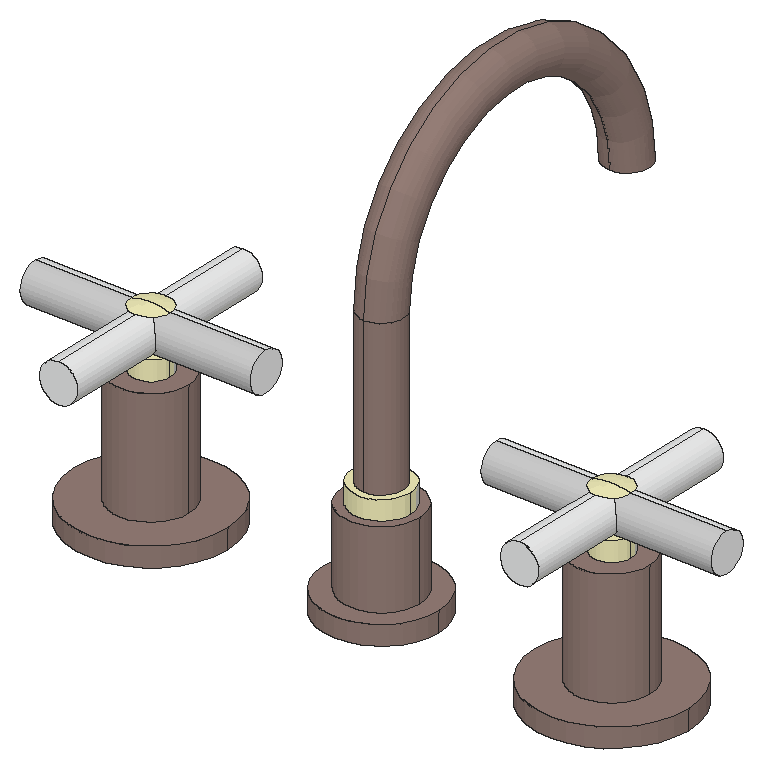
Revit family
Parameters
  turnangl = 180.00°
  throwrad = Throw Distance / 2  # 0' - 2"
  neckht = 0' - 2"
  Warranty Duration (Years) = 5
  Type Comments = ""
  Throw Distance = 0' - 4"
  Test Data = ""
  Specification = "http://www.arcat.com/divs/sec/sec15410.shtml"
  Sales Information = ""
  Product Properties = "http://www.arcat.com/bim/bim_info.pl?fn=Faucet_Bath"
  Product Data = "http://www.arcat.com/divs/sec/sec15410.shtml"
  Pressure (PSI) = 60
  Model = "Generic"  # constant formula
  Manufacturer Website = "http://www.arcat.com/"
  Manufacturer Phone - Toll Free = ""
  Manufacturer Phone = "(203) 929-9444"  # constant formula
  Manufacturer Fax = "(203) 939-2444"  # constant formula
  Manufacturer Email = "bim@arcat.com"  # constant formula
  Manufacturer Address = "1077 Bridgeport Ave, Shelton, CT  06484"  # constant formula
  Manufacturer = "Generic"  # constant formula
  Maintenance Schedule (Months) = 24
  Keynote = "15410"
  Installation_Fabricaton = ""
  Installation Phase = ""
  Hole Spread = 0' - 6"
  HW Connection = yes
  Green Building-LEED = "http://www.arcat.com/green/green_building.shtml"
  Flow (GPM) = 2
  Expected Lifespan (Years) = 10
  Drawn By = "Robert S. Weygant. CSI, CDT, SCIP"  # constant formula
  Description = "Double Control Bath Faucet"
  Default Elevation = 4' - 0"
  Copyright = "2008, ARCAT, Inc."  # constant formula
  Construction Details = "http://www.arcat.com/divs/sec/sec15410.shtml"
  CW Connection = yes
  Building Codes = ""
  Bath Fixture Trim = ARCAT - Ceramics, Porcelain - White
  Bath Fixture Material = ARCAT - Metal - Bronze, Oil Rubbed
  Bath Fixture Accent = ARCAT - Metal - Brass, Polished
  Assembly Code = "D2010300"
Reference planes (in)
  plane 1 "Center (Front/Back)": y = 0
  plane 2: z = 0
  plane 3 "Center (Left/Right)": x = 0.1733
  plane 4: x = -2.8267
  plane 5: x = 3.1733
  plane 6: x = 0.1733
  plane 7: z = 3.5
  plane 8: y = 0
  plane 9: x = 0.1733
  plane 10: z = 3.5
  plane 11: y = 0
Forms (in)
  Extrusion 1, solid, material "ARCAT - Metal - Bronze, Oil Rubbed" <- "Bath Fixture Material"
    sketch origin (3.1733, 0, 0) x (1, 0, 0) y (0, 1, 0)
      loop
        circle (0, 0) r 1
    from 0 to 0.25
  Extrusion 2, solid, material "ARCAT - Metal - Bronze, Oil Rubbed" <- "Bath Fixture Material"
    sketch origin (3.1733, 0, 0.25) x (1, 0, 0) y (0, 1, 0)
      loop
        circle (0, 0) r 0.5
    from 0 to 1.5
  Extrusion 3, solid, material "ARCAT - Metal - Brass, Polished" <- "Bath Fixture Accent"
    sketch origin (3.1733, 0, 1.75) x (1, 0, 0) y (0, 1, 0)
      loop
        circle (0, 0) r 0.25
    from 0 to 0.25
  Extrusion 4, solid, material "ARCAT - Ceramics, Porcelain - White" <- "Bath Fixture Trim"
    sketch origin (4.6733, 0, 0.09683) x (0, 0, 1) y (0, 1, 0)
      loop
        circle (2.15409, 0) r 0.25
    from 0 to 3
  Extrusion 5, solid, material "ARCAT - Ceramics, Porcelain - White" <- "Bath Fixture Trim"
    sketch origin (3.1733, 1.5, 0.09683) x (0, 0, 1) y (-1, 0, 0)
      loop
        circle (2.15409, 0) r 0.25
    from 0 to 3
  Revolve 6, solid, material "ARCAT - Metal - Brass, Polished" <- "Bath Fixture Accent"
    sketch origin (3.1733, 0, 0) x (1, 0, 0) y (0, 0, 1)
      loop
        line (0, 2.50091) -> (0.25, 2.50091)
        arc (0.25, 2.50091) -> (0.126, 2.52558) -> (0, 2.53605) r 1.11483
        line (0, 2.53605) -> (0, 2.50091)
      axis (0, 2.53605) -> (0, 2.49668)
    angle from 0 to 360
  Extrusion 7, solid, material "ARCAT - Metal - Bronze, Oil Rubbed" <- "Bath Fixture Material"
    sketch origin (0.1733, 0, 0) x (1, 0, 0) y (0, 1, 0)
      loop
        circle (0, 0) r 0.75
    from 0 to 0.25
  Extrusion 8, solid, material "ARCAT - Metal - Bronze, Oil Rubbed" <- "Bath Fixture Material"
    sketch origin (0.1733, 0, 0.25) x (1, 0, 0) y (0, 1, 0)
      loop
        circle (0, 0) r 0.5
    from 0 to 1
  Sweep 9, solid, material "ARCAT - Metal - Bronze, Oil Rubbed" <- "Bath Fixture Material"
    path origin (0.1733, 0, 0) x (0, 1, 0) y (0, 0, 1)
      loop
        line (0, 1.5) -> (0, 3.5)
        arc (0, 3.5) -> (2, 5.5) -> (4, 3.5) r 2
    profile origin (0.1733, 0, 2.5) x (0, -1, 0) y (1, 0, 0)
      loop
        circle (0, 0) r 0.28389
  Extrusion 10, solid, material "ARCAT - Metal - Brass, Polished" <- "Bath Fixture Accent"
    sketch origin (0.1733, 0, 1.25) x (1, 0, 0) y (0, 1, 0)
      loop
        circle (0, 0) r 0.37946
    from 0 to 0.25
  Extrusion 11, solid, material "ARCAT - Metal - Bronze, Oil Rubbed" <- "Bath Fixture Material", not visible
    sketch origin (4, 0, 0) x (1, 0, 0) y (0, 1, 0)
      loop
        circle (0, 0) r 1
    from 0 to 0.25
  Extrusion 12, solid, material "ARCAT - Metal - Bronze, Oil Rubbed" <- "Bath Fixture Material", not visible
    sketch origin (4, 0, 0.25) x (1, 0, 0) y (0, 1, 0)
      loop
        circle (0, 0) r 0.5
    from 0 to 1.5
  Extrusion 13, solid, material "ARCAT - Metal - Brass, Polished" <- "Bath Fixture Accent", not visible
    sketch origin (4, 0, 1.75) x (1, 0, 0) y (0, 1, 0)
      loop
        circle (0, 0) r 0.25
    from 0 to 0.25
  Extrusion 14, solid, material "ARCAT - Ceramics, Porcelain - White" <- "Bath Fixture Trim", not visible
    sketch origin (5.5, 0, 0.09683) x (0, 0, 1) y (0, 1, 0)
      loop
        circle (2.15409, 0) r 0.25
    from 0 to 3
  Extrusion 15, solid, material "ARCAT - Ceramics, Porcelain - White" <- "Bath Fixture Trim", not visible
    sketch origin (4, 1.5, 0.09683) x (0, 0, 1) y (-1, 0, 0)
      loop
        circle (2.15409, 0) r 0.25
    from 0 to 3
  Revolve 16, solid, material "ARCAT - Metal - Brass, Polished" <- "Bath Fixture Accent", not visible
    sketch origin (4, 0, 0) x (1, 0, 0) y (0, 0, 1)
      loop
        line (0, 2.50091) -> (0.25, 2.50091)
        arc (0.25, 2.50091) -> (0.126, 2.52558) -> (0, 2.53605) r 1.11483
        line (0, 2.53605) -> (0, 2.50091)
      axis (0, 2.53605) -> (0, 2.49668)
    angle from 0 to 360
  Extrusion 17, solid, material "ARCAT - Metal - Bronze, Oil Rubbed" <- "Bath Fixture Material"
    sketch origin (-2.8267, 0, 0) x (1, 0, 0) y (0, 1, 0)
      loop
        circle (0, 0) r 1
    from 0 to 0.25
  Extrusion 18, solid, material "ARCAT - Metal - Bronze, Oil Rubbed" <- "Bath Fixture Material"
    sketch origin (-2.8267, 0, 0.25) x (1, 0, 0) y (0, 1, 0)
      loop
        circle (0, 0) r 0.5
    from 0 to 1.5
  Extrusion 19, solid, material "ARCAT - Metal - Brass, Polished" <- "Bath Fixture Accent"
    sketch origin (-2.8267, 0, 1.75) x (1, 0, 0) y (0, 1, 0)
      loop
        circle (0, 0) r 0.25
    from 0 to 0.25
  Extrusion 20, solid, material "ARCAT - Ceramics, Porcelain - White" <- "Bath Fixture Trim"
    sketch origin (-1.3267, 0, 0.09683) x (0, 0, 1) y (0, 1, 0)
      loop
        circle (2.15409, 0) r 0.25
    from 0 to 3
  Extrusion 21, solid, material "ARCAT - Ceramics, Porcelain - White" <- "Bath Fixture Trim"
    sketch origin (-2.8267, 1.5, 0.09683) x (0, 0, 1) y (-1, 0, 0)
      loop
        circle (2.15409, 0) r 0.25
    from 0 to 3
  Revolve 22, solid, material "ARCAT - Metal - Brass, Polished" <- "Bath Fixture Accent"
    sketch origin (-2.8267, 0, 0) x (1, 0, 0) y (0, 0, 1)
      loop
        line (0, 2.50091) -> (0.25, 2.50091)
        arc (0.25, 2.50091) -> (0.126, 2.52558) -> (0, 2.53605) r 1.11483
        line (0, 2.53605) -> (0, 2.50091)
      axis (0, 2.53605) -> (0, 2.49668)
    angle from 0 to 360
  Extrusion 23, solid, material "ARCAT - Metal - Bronze, Oil Rubbed" <- "Bath Fixture Material", not visible
    sketch origin (0.1733, 0, 0) x (1, 0, 0) y (0, 1, 0)
      loop
        circle (0, 0) r 0.75
    from 0 to 0.25
  Extrusion 24, solid, material "ARCAT - Metal - Bronze, Oil Rubbed" <- "Bath Fixture Material", not visible
    sketch origin (0.1733, 0, 0.25) x (1, 0, 0) y (0, 1, 0)
      loop
        circle (0, 0) r 0.5
    from 0 to 1
  Sweep 25, solid, material "ARCAT - Metal - Bronze, Oil Rubbed" <- "Bath Fixture Material", not visible
    path origin (0.1733, 0, 0) x (0, 1, 0) y (0, 0, 1)
      loop
        line (0, 1.5) -> (0, 3.5)
        arc (0, 3.5) -> (2, 5.5) -> (4, 3.5) r 2
    profile origin (0.1733, 0, 2.5) x (0, -1, 0) y (1, 0, 0)
      loop
        circle (0, 0) r 0.28389
  Extrusion 26, solid, material "ARCAT - Metal - Brass, Polished" <- "Bath Fixture Accent", not visible
    sketch origin (0.1733, 0, 1.25) x (1, 0, 0) y (0, 1, 0)
      loop
        circle (0, 0) r 0.37946
    from 0 to 0.25
Dimensions and locks (in)
  equal spacing: plane 4, plane 3 "Center (Left/Right)", plane 5
  "Hole Spread": plane 4 to plane 5
  "neckht": plane 7 to Extrusion 10
  "neckht": plane 10 to Extrusion 26
  "throwrad": radius of Sweep 9 sketch curve
  "throwrad": radius of Sweep 25 sketch curve
  "turnangl": angle Sweep 9 sketch curve to Sweep 9 sketch curve
  angle Sweep 9 sketch curve to Sweep 9 sketch curve = 180.00°
  "turnangl": angle Sweep 25 sketch curve to Sweep 25 sketch curve
  angle Sweep 25 sketch curve to Sweep 25 sketch curve = 180.00°
  aligned and locked: plane 5 to Extrusion 5
  aligned and locked: plane 1 "Center (Front/Back)" to Extrusion 4
  aligned and locked: plane 4 to Extrusion 21
  aligned and locked: plane 1 "Center (Front/Back)" to Extrusion 20
  aligned and locked: plane 3 "Center (Left/Right)" to plane 6
  aligned and locked: Extrusion 10 to Extrusion 8
  aligned and locked: plane 7 to Sweep 9 sketch curve
  aligned and locked: Extrusion 10 to Sweep 9 sketch curve
  aligned and locked: plane 8 to plane 1 "Center (Front/Back)"
  aligned and locked: Sweep 9 sketch curve to plane 8
  aligned and locked: Extrusion 26 to Extrusion 24
  aligned and locked: plane 10 to Sweep 25 sketch curve
  aligned and locked: Extrusion 26 to Sweep 25 sketch curve
  aligned and locked: Sweep 25 sketch curve to plane 11
Automatic sketch dimensions
  Revolve 6 sketch curve to Revolve 6 sketch curve = 0' - 0.02916"
  Revolve 6 sketch curve to Revolve 6 sketch curve = 0' - 0"  (x3)
  Revolve 6 sketch curve to Revolve 6 sketch curve = 0' - 0 1/4"
  Revolve 6 sketch curve to Revolve 6 sketch curve = 0' - 1.07931"
  Sweep 9 sketch curve to profile plane = 0' - 0"  (x2)
  Revolve 22 sketch curve to Revolve 22 sketch curve = 0' - 0.02916"
  Revolve 22 sketch curve to Revolve 22 sketch curve = 0' - 0"  (x3)
  Revolve 22 sketch curve to Revolve 22 sketch curve = 0' - 0 1/4"
  Revolve 22 sketch curve to Revolve 22 sketch curve = 0' - 1.07931"
  Revolve 16 sketch curve to Revolve 16 sketch curve = 0' - 0.02916"
  Revolve 16 sketch curve to Revolve 16 sketch curve = 0' - 0"  (x3)
  Revolve 16 sketch curve to Revolve 16 sketch curve = 0' - 0 1/4"
  Revolve 16 sketch curve to Revolve 16 sketch curve = 0' - 1.07931"
  Sweep 25 sketch curve to profile plane = 0' - 0"  (x2)
  radius of Extrusion 1 sketch curve = 0' - 1"
  radius of Extrusion 2 sketch curve = 0' - 0 1/2"
  radius of Extrusion 3 sketch curve = 0' - 0 1/4"
  radius of Extrusion 4 sketch curve = 0' - 0 1/4"
  radius of Extrusion 5 sketch curve = 0' - 0 1/4"
  radius of Extrusion 7 sketch curve = 0' - 0 3/4"
  radius of Extrusion 8 sketch curve = 0' - 0 1/2"
  radius of Sweep 9 sketch curve = 0' - 0.28389"
  radius of Extrusion 10 sketch curve = 0' - 0.37946"
  radius of Extrusion 17 sketch curve = 0' - 1"
  radius of Extrusion 18 sketch curve = 0' - 0 1/2"
  radius of Extrusion 19 sketch curve = 0' - 0 1/4"
  radius of Extrusion 20 sketch curve = 0' - 0 1/4"
  radius of Extrusion 21 sketch curve = 0' - 0 1/4"
  radius of Extrusion 11 sketch curve = 0' - 1"
  radius of Extrusion 12 sketch curve = 0' - 0 1/2"
  radius of Extrusion 13 sketch curve = 0' - 0 1/4"
  radius of Extrusion 14 sketch curve = 0' - 0 1/4"
  radius of Extrusion 15 sketch curve = 0' - 0 1/4"
  radius of Extrusion 23 sketch curve = 0' - 0 3/4"
  radius of Extrusion 24 sketch curve = 0' - 0 1/2"
  radius of Sweep 25 sketch curve = 0' - 0.28389"
  radius of Extrusion 26 sketch curve = 0' - 0.37946"
